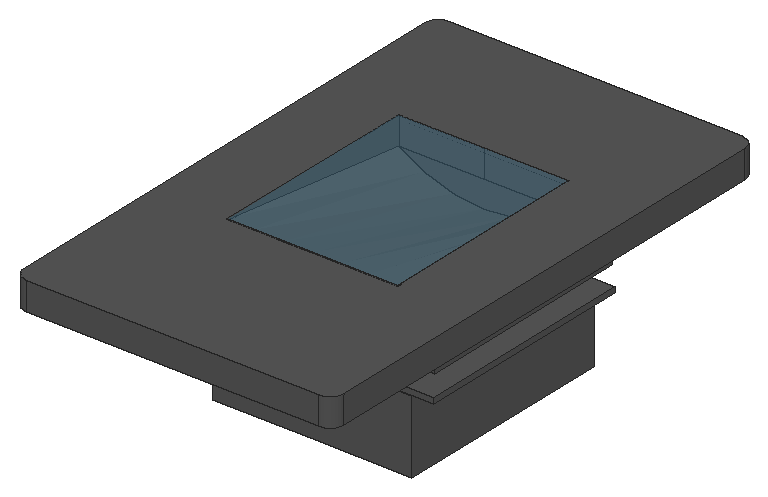
Revit family "VERTICAL MINI LED STEP LIGHT", category Lighting Fixtures, host Face, Revit 2020
Family settings
  Host = Face
  Round Connector Dimension = Use Diameter
  Part Type = Normal
  Cut with Voids When Loaded = No
  Light Source = Yes
  Shared = No
  Room Calculation Point = No
Parameters (values of type "VMSL03304-BK")
  Wattage = 0.538568 W
  WATTS = 3 W
  built-in parameter 1150110 = 1 (stored number, unit not read)
  Voltage = 120 V
  URL = "https://www.abovealllighting.com/Product/LED-OUTDOOR-FIXTURES/LEDWallLight/VerticalMiniLEDStepLight.html"
  Type Comments = "VERTICAL MINI LED STEP LIGHT"  # constant formula
  built-in parameter 1114217 = 1 (stored number, unit not read)
  Tilt Angle = 180.00°
  built-in parameter 1150109 = 1 (stored number, unit not read)
  built-in parameter 1150134 = (empty or 0)
  built-in parameter 1150113 = 1 (stored number, unit not read)
  Photometric Web File = "VMSL03304-BK_IESNA2002.IES"
  Order number = "15667"
  Model = "VMSL03304-BK"
  Manufacturer = "Above All Lighting"  # constant formula
  built-in parameter 1150105 = 6.3662 (stored number, unit not read)
  Lumens = 80 lm
  built-in parameter 1150115 = 1 (stored number, unit not read)
  built-in parameter 1150137 = (empty or 0)
  built-in parameter 1150139 = (empty or 0)
  built-in parameter 1150112 = 1 (stored number, unit not read)
  built-in parameter 1150114 = 1 (stored number, unit not read)
  Lamp = "LED"
  built-in parameter 1150132 = 2
  built-in parameter 1150102 = (empty or 0)
  built-in parameter 1150107 = 3000 (stored number, unit not read)
  built-in parameter 1150138 = (empty or 0)
  built-in parameter 1150106 = 0.063662 (stored number, unit not read)
  IP Rating = "Wet Location"  # constant formula
  GLASS = Glass
  Fixture Width = 0' - 4 3/4"
  Fixture Length = 0' - 2 7/8"
  Fixture Height = 0' - 1 1/2"
  Finish/Color = ALUMINUM BLACK
  built-in parameter 1150104 = 13.8 (stored number, unit not read)
  Dimming Lamp Color Temperature Shift = <None>
  Description = "3W LED step/wall lights are available in a vertical configuration for mounting into a Junction box. \r\nFor poured concrete and masonry installations.For indoor and protected outdoor use."  # constant formula
  Default Elevation = 4' - 0"
  Color Filter = 16777215
  CRI = "80"  # constant formula
  built-in parameter 1114218 = 1 (stored number, unit not read)
  Average life based on 104F(HRS) = "17500"  # constant formula
  built-in parameter 1150133 = 10 (stored number, unit not read)
  Apparent Load = WATTS / 0.8  # 3.75 VA
Reference planes (in)
  plane 1 "Center (Front/Back)": y = 0
  plane 2: z = 0
  plane 3 "Center (Left/Right)": x = 0
  plane 4: x = -1.4375
  plane 5: x = 1.4375
  plane 6: y = -2.375
  plane 7: y = 2.375
  plane 8: z = -1.25
  plane 9: y = 1.09477
  plane 10: z = 0.00489
Forms (in)
  Extrusion 1, void
    sketch origin (0, 0, 0) x (1, 0, 0) y (0, 1, 0)
      loop
        line (-1.10156, 1.23382) -> (-1.10156, -0.80748) -> (1.10156, -0.80748) -> (1.10156, 1.23382) -> (-1.10156, 1.23382)
    from -1.25 to 0
Dimensions and locks (in)
  equal spacing: plane 4, plane 3 "Center (Left/Right)", plane 5
  "Fixture Length": plane 4 to plane 5
  equal spacing: plane 7, plane 1 "Center (Front/Back)", plane 6
  "Fixture Width": plane 7 to plane 6
  locked: plane 2 to plane 8 at 1.25
  plane 10 to plane 2 = 0' - 0.00489"
  aligned and locked: plane 2 to host face
  aligned and locked: level to host face
  aligned and locked: level to Extrusion 1
  aligned and locked: plane 3 "Center (Left/Right)" to nested 1
  aligned and locked: plane 1 "Center (Front/Back)" to nested 1
  aligned and locked: Extrusion 1 to nested 1
  aligned and locked: plane 10 to nested 1
Automatic sketch dimensions
  host sketch curve to host sketch curve = 8' - 0"  (x2)
  plane 4 to Extrusion 1 sketch curve = 0' - 0 43/128"
  Extrusion 1 sketch curve to plane 5 = 0' - 0 43/128"
  plane 6 to Extrusion 1 sketch curve = 0' - 1.56752"
  Extrusion 1 sketch curve to plane 1 "Center (Front/Back)" = 0' - 1.23382"
Nested families (in)
  nested 1: "VERTICAL NEST FAMILY" at (0, 0, -1.24511), Fixture Length <- "Fixture Length", Fixture Width <- "Fixture Width", GLASS <- "GLASS", Body Material <- "Finish/Color", type "VERTICAL NEST FAMILY"
    with GLASS Glass, Fixture Width 0' - 4 3/4", Fixture Length 0' - 2 7/8", Body Material ALUMINUM BLACK
Connectors (in)
  electrical at (0, 0, 0), driven by "Voltage", driven by "Apparent Load"
    settings: on host face, index 1, voltage 120 V, apparent load 3.75 VA, apparent load phase1 0 VA, apparent load phase2 0 VA, apparent load phase3 0 VA, power factor 1, load classification "Lighting", number of poles 1, system type 30, power factor state 1, is connector primary yes, connector utility no, sub classification motor no, connector description ""
Definition of nested family "VERTICAL NEST FAMILY"
  Parameters (values of type "VERTICAL NEST FAMILY")
    GLASS [instance] = none
    Fixture Width [instance] = 0' - 4 3/4"
    Fixture Length [instance] = 0' - 2 7/8"
    Fixture Height = 0' - 1 1/2"
    Default Elevation = 0' - 0"
    Body Material [instance] = none
  Reference planes (in)
    plane 1 "Center (Front/Back)": y = 0
    plane 2: z = 0
    plane 3 "Center (Left/Right)": x = 0
    plane 4: y = 2.375
    plane 5: y = -2.375
    plane 6: x = -1.4375
    plane 7: x = 1.4375
    plane 8: z = 1.5
    plane 9: z = 1.25
    plane 10: z = 0.91557
  Forms (in)
    Extrusion 1, solid, material <- "Body Material"
      sketch origin (0, 0, 0) x (1, 0, 0) y (0, 1, 0)
        loop
          arc (-1.3125, 2.375) -> (-1.40089, 2.33839) -> (-1.4375, 2.25) r 0.125
          line (-1.4375, 2.25) -> (-1.4375, -2.25)
          arc (-1.4375, -2.25) -> (-1.40089, -2.33839) -> (-1.3125, -2.375) r 0.125
          line (-1.3125, -2.375) -> (1.3125, -2.375)
          arc (1.3125, -2.375) -> (1.40089, -2.33839) -> (1.4375, -2.25) r 0.125
          line (1.4375, -2.25) -> (1.4375, 2.25)
          arc (1.4375, 2.25) -> (1.40089, 2.33839) -> (1.3125, 2.375) r 0.125
          line (1.3125, 2.375) -> (-1.3125, 2.375)
      from 1.25 to 1.5
    Extrusion 2, void
      sketch origin (0, 0, 0) x (1, 0, 0) y (0, 1, 0)
        loop
          line (-0.76562, 1.11455) -> (-0.76562, -0.80748) -> (0, -0.80748) -> (0.76563, -0.80748) -> (0.76563, 1.11455) -> (0, 1.11455) -> (-0.76562, 1.11455)
      from 1.25 to 4.70366
    SweptBlend 3, solid, material <- "Body Material"
      path origin (0, 0, 0) x (0, 1, 0) y (0, 0, 1)
        loop
          line (-0.80748, 1.25) -> (1.11455, 1.25)
      profile origin (0, -0.80748, 1.25) x (0, 0, 1) y (1, 0, 0)
        loop
          line (0.25, 0.76562) -> (-0.00189, 0.76562) -> (-0.00189, -0.76563) -> (0.25, -0.76563) -> (0.25, 0.76562)
      end profile origin (0, 1.11455, 1.25) x (0, 0, 1) y (1, 0, 0)
        loop
          line (0, 0.76563) -> (0, 0.97097)
          arc (0, 0.97097) -> (-0.33528, 0) -> (0, -0.97097) r 1.57359
          line (0, -0.97097) -> (0, -0.76563)
          arc (0, -0.76563) -> (-0.2411, 0) -> (0, 0.76563) r 1.33619
    SweptBlend 4, solid, material <- "Body Material"
      path origin (0, 0, 0) x (0, 1, 0) y (0, 0, -1)
        loop
          line (-0.80748, -1.24811) -> (1.18157, -1.24811)
      profile origin (0, -0.80748, 1.24811) x (0, 0, -1) y (-1, 0, 0)
        loop
          line (-0.00177, -1.10156) -> (0.33443, -1.10156) -> (0.33443, -0.77479) -> (0.37712, -0.77479) -> (0.37712, -0.7336) -> (0.1472, -0.7336) -> (-0.00177, -0.7336) -> (-0.00177, -1.10156)
      end profile origin (0, 1.18157, 1.24811) x (0, 0, -1) y (-1, 0, 0)
        loop
          line (-0.00195, -1.10156) -> (0.33443, -1.10156) -> (0.33443, -0.77505) -> (0.37662, -0.77505) -> (0.37662, -0.7333) -> (0.15397, -0.7333)
          arc (0.15397, -0.7333) -> (0.08148, -0.85693) -> (-0.00195, -0.97345) r 1.57359
          line (-0.00195, -0.97345) -> (-0.00195, -1.10156)
    SweptBlend 5, solid, material <- "Body Material"
      path origin (0, 0, 0) x (0, 1, 0) y (0, 0, 1)
        loop
          line (-0.80748, 1.24811) -> (1.18125, 1.24811)
      profile origin (0, -0.80748, 1.24811) x (0, 0, 1) y (1, 0, 0)
        loop
          line (0.00177, -1.10156) -> (0.00177, -0.7336) -> (-0.1472, -0.7336) -> (-0.37712, -0.7336) -> (-0.37712, -0.77479) -> (-0.33443, -0.77479) -> (-0.33443, -1.10156) -> (0.00177, -1.10156)
      end profile origin (0, 1.18125, 1.24811) x (0, 0, 1) y (1, 0, 0)
        loop
          line (0.00195, -1.10156) -> (0.00195, -0.97345)
          arc (0.00195, -0.97345) -> (-0.08148, -0.85693) -> (-0.15397, -0.7333) r 1.57359
          line (-0.15397, -0.7333) -> (-0.37662, -0.7333) -> (-0.37662, -0.77505) -> (-0.33443, -0.77505) -> (-0.33443, -1.10156) -> (0.00195, -1.10156)
    Extrusion 6, solid, material <- "Body Material"
      sketch origin (0, 0, 0) x (1, 0, 0) y (0, 0, 1)
        loop
          arc (-0.97323, 1.25177) -> (0, 0.91472) -> (0.97323, 1.25177) r 1.57359
          line (0.97323, 1.25177) -> (-0.97323, 1.25177)
      from -1.18248 to -1.11455
    Extrusion 7, solid, material <- "Body Material"
      sketch origin (0, 0, 0) x (1, 0, 0) y (0, 0, 1)
        loop
          line (-0.7336, 1.24995) -> (-0.7336, 0.71258) -> (0.73553, 0.71258) -> (0.73553, 1.24995) -> (-0.7336, 1.24995)
      from -1.23382 to -1.18157
    Extrusion 8, solid, material <- "Body Material"
      sketch origin (0, 0, 0) x (1, 0, 0) y (0, 0, 1)
        loop
          line (-1.08939, 0.71258) -> (-1.08939, 0.66347) -> (-0.03587, 0.66347) -> (1.08939, 0.66347) -> (1.08939, 0.71258) -> (0.02215, 0.71258) -> (-1.08939, 0.71258)
      from -1.23382 to 0.80748
    Extrusion 9, solid, material <- "Body Material"
      sketch origin (0, 0, 0) x (1, 0, 0) y (0, 0, 1)
        loop
          line (-0.89243, 0.66347) -> (-0.89243, 0) -> (-0.01292, 0) -> (0.89243, 0) -> (0.89243, 0.66347) -> (-0.89243, 0.66347)
      from -1.23382 to 0.80748
    Extrusion 10, solid, material <- "GLASS"
      sketch origin (0, 0, 0) x (1, 0, 0) y (0, 1, 0)
        loop
          line (-0.76562, 1.11455) -> (-0.76562, -0.80748) -> (0.76563, -0.80748) -> (0.76563, 1.11455) -> (-0.76562, 1.11455)
      from 1.46268 to 1.5
  Cuts and joins
    Extrusion 2 cuts Extrusion 1
  Dimensions and locks (in)
    equal spacing: plane 6, plane 3 "Center (Left/Right)", plane 7
    "Fixture Length": plane 6 to plane 7
    equal spacing: plane 4, plane 1 "Center (Front/Back)", plane 5
    "Fixture Width": plane 4 to plane 5
    "Fixture Height": plane 8 to plane 2
    locked: plane 8 to plane 9 at 0.25
    aligned and locked: plane 2 to level
    aligned and locked: Extrusion 1 sketch curve to plane 4
    aligned and locked: plane 6 to Extrusion 1 sketch curve
    aligned and locked: plane 5 to Extrusion 1 sketch curve
    aligned and locked: Extrusion 1 sketch curve to plane 7
    aligned and locked: plane 8 to Extrusion 1
    aligned and locked: Extrusion 1 to plane 9
    aligned and locked: Extrusion 2 to plane 9
    aligned and locked: Extrusion 1 to Extrusion 2
    aligned and locked: SweptBlend 3 sketch curve to cut or joined group of Extrusion 1, Extrusion 2  (x2)
    aligned and locked: Extrusion 6 to cut or joined group of Extrusion 1, Extrusion 2
    aligned and locked: Extrusion 8 sketch curve to Extrusion 7
    aligned and locked: Extrusion 7 to Extrusion 8
    aligned and locked: Extrusion 8 to cut or joined group of Extrusion 1, Extrusion 2
    aligned and locked: plane 2 to Extrusion 9 sketch curve
    aligned and locked: Extrusion 7 to Extrusion 9
    aligned and locked: Extrusion 9 to cut or joined group of Extrusion 1, Extrusion 2
    aligned and locked: Extrusion 6 to SweptBlend 3
    aligned and locked: Extrusion 10 sketch curve to cut or joined group of Extrusion 1, Extrusion 2  (x4)
    aligned and locked: plane 8 to Extrusion 10
  Automatic sketch dimensions
    plane 6 to Extrusion 1 sketch curve = 0' - 0 1/8"
    Extrusion 1 sketch curve to plane 4 = 0' - 0 1/8"  (x2)
    Extrusion 1 sketch curve to Extrusion 1 sketch curve = 0' - 0 1/8"
    Extrusion 2 sketch curve to plane 3 "Center (Left/Right)" = 0' - 0"  (x2)
    plane 6 to Extrusion 2 sketch curve = 0' - 0 43/64"
    Extrusion 2 sketch curve to plane 7 = 0' - 0 43/64"
    plane 1 "Center (Front/Back)" to Extrusion 2 sketch curve = 0' - 0.80748"
    Extrusion 2 sketch curve to plane 1 "Center (Front/Back)" = 0' - 1.11455"
    SweptBlend 3 sketch curve to plane 9 = 0' - 0"
    plane 1 "Center (Front/Back)" to SweptBlend 3 sketch curve = 0' - 0.80748"
    SweptBlend 3 sketch curve to plane 1 "Center (Front/Back)" = 0' - 1.11455"
    profile plane to SweptBlend 3 sketch curve = 0' - 0.00189"
    SweptBlend 3 sketch curve to profile plane = 0' - 0 1/4"
    SweptBlend 3 sketch curve to profile plane = 0' - 0"  (x2)
    SweptBlend 3 sketch curve to plane 3 "Center (Left/Right)" = 0' - 0"  (x2)
    SweptBlend 3 sketch curve to profile plane = 0' - 1.09509"
    SweptBlend 3 sketch curve to SweptBlend 3 sketch curve = 0' - 0.14322"
    SweptBlend 3 sketch curve to plane 3 "Center (Left/Right)" = 0' - 0 49/64"
    SweptBlend 3 sketch curve to SweptBlend 3 sketch curve = 0' - 0.20534"
    profile plane to SweptBlend 4 sketch curve = 0' - 0.00177"
    SweptBlend 4 sketch curve to profile plane = 0' - 0.1472"
    SweptBlend 4 sketch curve to SweptBlend 4 sketch curve = 0' - 0.18723"
    SweptBlend 4 sketch curve to SweptBlend 4 sketch curve = 0' - 0.04269"
    SweptBlend 4 sketch curve to profile plane = 0' - 1 13/128"
    SweptBlend 4 sketch curve to SweptBlend 4 sketch curve = 0' - 0.32678"
    SweptBlend 4 sketch curve to SweptBlend 4 sketch curve = 0' - 0.04119"
    profile plane to SweptBlend 4 sketch curve = 0' - 0"
    profile plane to SweptBlend 4 sketch curve = 0' - 1.23831"
    profile plane to SweptBlend 4 sketch curve = 0' - 0.00195"
    SweptBlend 4 sketch curve to profile plane = 0' - 0.15397"
    SweptBlend 4 sketch curve to SweptBlend 4 sketch curve = 0' - 0.18045"
    SweptBlend 4 sketch curve to SweptBlend 4 sketch curve = 0' - 0.04219"
    SweptBlend 4 sketch curve to profile plane = 0' - 0.7333"
    SweptBlend 4 sketch curve to SweptBlend 4 sketch curve = 0' - 0.04175"
    SweptBlend 4 sketch curve to SweptBlend 4 sketch curve = 0' - 0.12811"
    profile plane to SweptBlend 5 sketch curve = 0' - 0.37712"
    SweptBlend 5 sketch curve to SweptBlend 5 sketch curve = 0' - 0.04269"
    profile plane to SweptBlend 5 sketch curve = 0' - 0.1472"
    SweptBlend 5 sketch curve to profile plane = 0' - 0.00177"
    SweptBlend 5 sketch curve to profile plane = 0' - 1 13/128"
    SweptBlend 5 sketch curve to SweptBlend 5 sketch curve = 0' - 0.32678"
    SweptBlend 5 sketch curve to SweptBlend 5 sketch curve = 0' - 0.04119"
    SweptBlend 5 sketch curve to profile plane = 0' - 0"
    profile plane to SweptBlend 5 sketch curve = 0' - 0.37662"
    SweptBlend 5 sketch curve to SweptBlend 5 sketch curve = 0' - 0.04219"
    profile plane to SweptBlend 5 sketch curve = 0' - 0.15397"
    SweptBlend 5 sketch curve to profile plane = 0' - 0.00195"
    SweptBlend 5 sketch curve to profile plane = 0' - 1.23831"
    SweptBlend 5 sketch curve to profile plane = 0' - 0.7333"
    SweptBlend 5 sketch curve to SweptBlend 5 sketch curve = 0' - 0.04175"
    SweptBlend 5 sketch curve to SweptBlend 5 sketch curve = 0' - 0.12811"
    SweptBlend 5 sketch curve to plane 9 = 0' - 0.00189"
    plane 1 "Center (Front/Back)" to SweptBlend 5 sketch curve = 0' - 0.80748"
    SweptBlend 5 sketch curve to plane 1 "Center (Front/Back)" = 0' - 1.18125"
    SweptBlend 4 sketch curve to plane 9 = 0' - 0.00189"
    plane 1 "Center (Front/Back)" to SweptBlend 4 sketch curve = 0' - 0.80748"
    SweptBlend 4 sketch curve to plane 1 "Center (Front/Back)" = 0' - 1.18157"
    Extrusion 6 sketch curve to plane 3 "Center (Left/Right)" = 0' - 0"
    plane 8 to Extrusion 6 sketch curve = 0' - 0.98831"
    plane 9 to Extrusion 6 sketch curve = 0' - 0.00177"
    Extrusion 6 sketch curve to plane 7 = 0' - 0.46427"
    Extrusion 7 sketch curve to plane 10 = 0' - 0.20299"
    plane 6 to Extrusion 7 sketch curve = 0' - 0.7039"
    Extrusion 7 sketch curve to plane 7 = 0' - 0.70197"
    Extrusion 7 sketch curve to plane 9 = 0' - 0.00005"
    plane 3 "Center (Left/Right)" to Extrusion 8 sketch curve = 0' - 0.02215"
    Extrusion 8 sketch curve to plane 3 "Center (Left/Right)" = 0' - 0.03587"
    plane 6 to Extrusion 8 sketch curve = 0' - 0.34811"
    Extrusion 8 sketch curve to plane 7 = 0' - 0.34811"
    Extrusion 8 sketch curve to Extrusion 8 sketch curve = 0' - 0.04911"
    plane 6 to Extrusion 9 sketch curve = 0' - 0.54507"
    Extrusion 9 sketch curve to plane 3 "Center (Left/Right)" = 0' - 0.01292"
    Extrusion 9 sketch curve to plane 7 = 0' - 0.54507"
    Extrusion 9 sketch curve to plane 10 = 0' - 0.2521"
